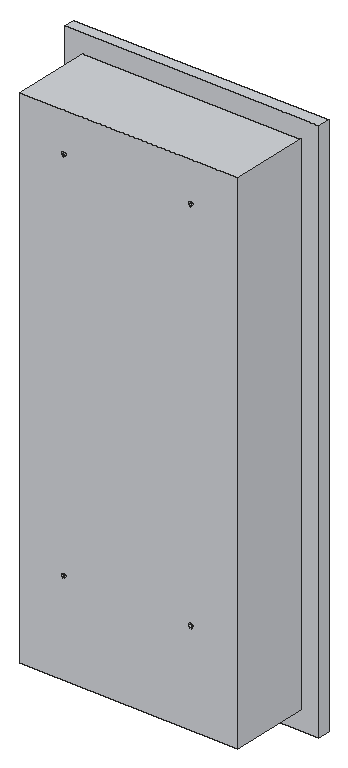
Revit family "AX8943E102_0002", category Appareils sanitaires, Revit 2016
Family settings
  Hôte = Mur
  Type d'élément = Normal
  Cote de connecteur circulaire = Utiliser le diamètre
  Numéro OmniClass = 23.75.00.00
  Titre OmniClass = Climate Control (HVAC)
  Toujours verticalement = Oui
  Couper avec des vides une fois chargée = Non
  Partagée = Non
  Point de calcul de pièce = Non
Parameters (values of type "Type 1")
  URL = "https://www.axeuro.com/fr/poubelles/24765-poubelle-murale-ax8943e102.html?search_query=ax8943e102&results=2"
  Modèle = "AX8943E102"  # constant formula
  Matériaux = "En inox 304 (18/10) Bactériostatique"  # constant formula
  Finition = "Brossé Poli Satiné HyperPolish"  # constant formula
  Fabricant = "Axeuro"  # constant formula
  Description = "Poubelle murale"  # constant formula
Reference planes
  plane 1 "Mur": y = 0
  plane 2 "Centre (gauche/droite)": x = 0
  plane 3 "Arrière": y = 75
Forms (mm)
  Extrusion 1, solid
    sketch origin (-85, -99.031, 0) x (0, 1, 0) y (0, 0, 1)
      loop
        line (174.031, 1739.299) -> (174.031, 1028.291) -> (189.031, 1028.291) -> (189.031, 1739.299) -> (174.031, 1739.299)
    from -80 to 250
  Extrusion 2, void
    sketch origin (552.568, -24.031, 153.664) x (1, 0, 0) y (0, 0, 1)
      loop
        line (-434.68, 1545.635) -> (-670.457, 1545.635)
        arc (-670.457, 1545.635) -> (-675.486, 1543.552) -> (-677.568, 1538.524) r 7.111
        line (-677.568, 1538.524) -> (-677.568, 1432.747)
        arc (-677.568, 1432.747) -> (-675.486, 1427.718) -> (-670.457, 1425.635) r 7.111
        line (-670.457, 1425.635) -> (-434.68, 1425.635)
        arc (-434.68, 1425.635) -> (-429.651, 1427.718) -> (-427.568, 1432.747) r 7.111
        line (-427.568, 1432.747) -> (-427.568, 1538.524)
        arc (-427.568, 1538.524) -> (-429.651, 1543.552) -> (-434.68, 1545.635) r 7.111
    from -114.031 to -112.031
  Sweep 3, solid
    path origin (125.534, -20.08, 1091.574) x (1, 0, 0) y (0, 0, 1)
      loop
        circle (0, 292.183) r 7.9
    profile origin (125.534, -20.08, 1375.857) x (0, 0, 1) y (0, -1, 0)
      loop
        line (0.02, -110.08) -> (-3.566, -110.08)
        arc (-3.566, -110.08) -> (-2.623, -113.276) -> (0.02, -115.306) r 5.389
        line (0.02, -115.306) -> (0.02, -110.08)
  Extrusion 4, solid
    sketch origin (133.414, -20, 1103.06) x (1, 0, 0) y (0, 0, 1)
      loop
        circle (-7.88, 280.697) r 7.9
    from -115.226 to -110
  Extrusion 5, void
    sketch origin (406.218, -20, 1383.768) x (0, 0, 1) y (-1, 0, 0)
      loop
        line (1.292, 286.514) -> (-1.316, 286.514) -> (-1.316, 274.878) -> (1.292, 274.878) -> (1.292, 286.514)
    from -115.226 to -113.463
  Extrusion 6, solid
    sketch origin (0, -205, 0) x (1, 0, 0) y (0, 1, 0)
      loop
        line (-141, 280) -> (-141, 178) -> (141, 178) -> (141, 280) -> (-141, 280)
    from 1052.295 to 1715.295
  Extrusion 7, void
    sketch origin (0, -205, 16) x (1, 0, 0) y (0, 0, 1)
      loop
        circle (-83.996, 1647.698) r 3
    from -180 to -178
  Extrusion 8, void
    sketch origin (165, -205, 16) x (1, 0, 0) y (0, 0, 1)
      loop
        circle (-83.996, 1647.698) r 3
    from -180 to -178
  Extrusion 9, void
    sketch origin (0, -205, -474) x (1, 0, 0) y (0, 0, 1)
      loop
        circle (-83.996, 1647.698) r 3
    from -180 to -178
  Extrusion 10, void
    sketch origin (165, -205, -474) x (1, 0, 0) y (0, 0, 1)
      loop
        circle (-83.996, 1647.698) r 3
    from -180 to -178
  Extrusion 11, void
    sketch origin (0, 75, 0) x (1, 0, 0) y (0, 0, 1)
      loop
        line (139, 1713.295) -> (-139, 1713.295) -> (-139, 1054.295) -> (139, 1054.295) -> (139, 1713.295)
    from -13 to 100
  Extrusion 12, solid
    sketch origin (0, 75, 0) x (1, 0, 0) y (0, 0, 1)
      loop
        line (124.8, 1586.411) -> (124.8, 1692.188)
        arc (124.8, 1692.188) -> (122.776, 1697.075) -> (117.889, 1699.099) r 6.911
        line (117.889, 1699.099) -> (-117.889, 1699.099)
        arc (-117.889, 1699.099) -> (-122.776, 1697.075) -> (-124.8, 1692.188) r 6.911
        line (-124.8, 1692.188) -> (-124.8, 1586.411)
        arc (-124.8, 1586.411) -> (-122.776, 1581.523) -> (-117.889, 1579.499) r 6.911
        line (-117.889, 1579.499) -> (117.889, 1579.499)
        arc (117.889, 1579.499) -> (122.776, 1581.523) -> (124.8, 1586.411) r 6.911
    from -15 to -13
Cuts and joins
  Extrusion 2, Extrusion 11 cuts Extrusion 1
  Extrusion 5 cuts Extrusion 4
  Extrusion 7, Extrusion 8, Extrusion 9, Extrusion 10 cuts Extrusion 6
Text (mm)
  text "Côté de la mise en place" at (-1820.995, 1116.779, 0), in view "Niveau de réf."
  text "Côté de la mise en place" at (0, 1334.055, 2976.191), in view "Gauche"
  text "Côté de la mise en place" at (0, 439.194, 2944.362), in view "Droite"
Dimensions and locks
  locked: plane 3 "Arrière" to host wall
  aligned and locked: plane 1 "Mur" to host wall
